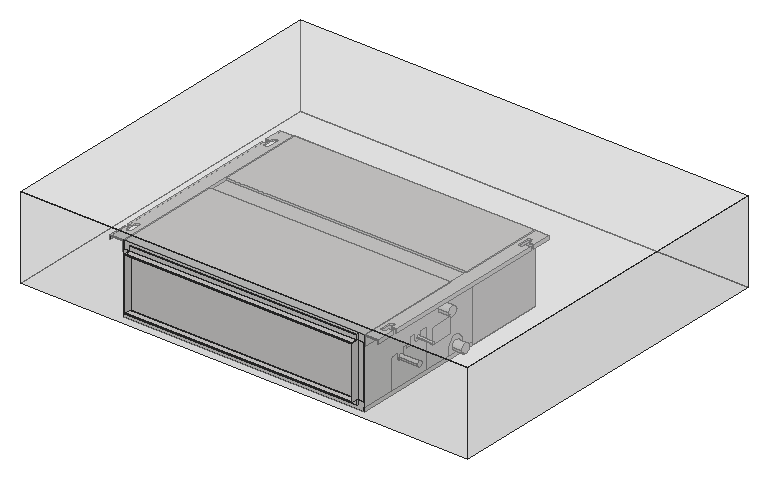
Revit family "outputfile", category 機械設備, Revit 2024
Family settings
  丸型コネクタ寸法 = 半径を使用
  パーツ タイプ = 標準
  OmniClass 番号 = 23.75.10.24.21.27.27
  OmniClass タイトル = Split System Air Conditioning Units
  作業面ベース = いいえ
  常に垂直 = はい
  ロード時にボイドで切り取り = いいえ
  注釈の向きを維持 = いいえ
  共有 = いいえ
  部屋計算ポイント = はい
Parameters (values of type "FXDQ25PDVM")
  書き出し IFC クラス(タイプ) = "IfcUnitaryEquipmentType"
  定義済み IFC タイプ(タイプ) = "AIRCONDITIONINGUNIT"
  ld_powersupply = Depth / 2  # 310.0 mm
  製造元 = "Daikin"
  モデル = "FXDQ25PDVM"
  r_Liquid Pipe Size = Liquid Pipe Size / 2  # 3.2 mm
  r_Gas Pipe Size = Gas Pipe Size / 2  # 6.35 mm
  r_Drain Pipe Size = Drain Pipe Size / 2  # 13.0 mm
  lw_powersupply = 50.0 mm  # constant formula
  lw_ductflange2 = 620.0 mm
  lw_Width = 660.0 mm
  lh_suctionflange [instance] = 100.0 mm  # constant formula
  ld_suctionflange [instance] = if(Rear Connection_Return Air, 190.0 mm, 100.0 mm)  # 190.0 mm
  angle_vertical_RA [instance] = if(Rear Connection_Return Air, 90.00°, 0.00°)  # 90.00°
  angle horizontal_RA [instance] = if(Rear Connection_Return Air, 180.00°, 270.00°)  # 180.00°
  Voltage_comment_60Hz = "220-240"
  Voltage_comment_50Hz = "220-240"
  Voltage_60Hz = 220 V
  Voltage_50Hz = 220 V
  Supply Air Direction [instance] = yes
  Rear Connection_Return Air [instance] = not(Bottom Connection_Return Air)  # yes
  RA_length [instance] = if(Rear Connection_Return Air, 190.0 mm, 100.0 mm)  # 190.0 mm
  Phase_60Hz = 1
  Phase_50Hz = 1
  Minimum External Static Pressure = 10.00 Pa
  Minimum Circuit Amps_60Hz = 0.8 A
  Minimum Circuit Amps_50Hz = 0.8 A
  Maximum Fuse Amps_60Hz = 16.0 A
  Maximum Fuse Amps_50Hz = 16.0 A
  Maximum External Static Pressure = 30.00 Pa
  Material_Casing = DAIKIN_GalvanizedSteel_Casing_indoorunit
  lw_liquidpipe = 46.0 mm  # constant formula
  lw_gaspipe = 57.0 mm  # constant formula
  lw_mountinghole = 740.0 mm
  lw_drainpipe = 33.0 mm  # constant formula
  lh_powersupply = 150.0 mm  # constant formula
  lh_liquidpipe = 90.0 mm  # constant formula
  lh_gaspipe = 113.0 mm  # constant formula
  lh_mountinghole = Height  # 200.0 mm
  lh_drainpipe = 50.0 mm  # constant formula
  lh_antena = 1.0 mm  # constant formula
  ld_liquidpipe = 193.0 mm  # constant formula
  ld_gaspipe = 130.0 mm  # constant formula
  ld_mountinghole = 500.0 mm  # constant formula
  ld_drainpipe = 280.0 mm  # constant formula
  ld_controlbox = 626.0 mm  # constant formula
  h*** = 0.0 mm  # constant formula
  d_dischargeflange = 21.2 mm  # constant formula
  Width = 700.0 mm
  Version = "ver.1.0"
  Unit Type = "Duct_Slim"
  Unit Mass Weight = 23.00 kg
  Unit Designation [instance] = ""
  Uniclass2015Version = "Products v1.30"
  Uniclass2015Title = "Variable refrigerant flow units"
  Uniclass2015Code = "Pr_70_65_03_94"
  Total Heating Capacity [instance] = 0.000 kW
  Total Cooling Capacity [instance] = 0.000 kW
  Sound Pressure Level_L speed (dBA) = 29
  Sound Pressure Level_H speed (dBA) = 31
  Series = "VRV Fan Coil Unit"
  Sensible Cooling Capacity [instance] = 0.000 kW
  SA Duct Size Width = 660.0 mm
  SA Duct Size Height = 153.0 mm
  Refrigerant Type = "R410A"
  RA Duct Size Width = 580.0 mm
  RA Duct Size Height = 160.0 mm
  Power Input (Heating) = 0.067 kW
  Power Input (Cooling) = 0.086 kW
  Option Accessory 3 [instance] = ""
  Option Accessory 2 [instance] = ""
  Option Accessory 1 [instance] = ""
  Nominal Heating Capacity = 3.200 kW
  Nominal Cooling Capacity = 2.800 kW
  Minimum Airflow = 384.00 m³/h
  Median Airflow = 0.00 m³/h
  Maximum Airflow = 432.00 m³/h
  Load Classification = HVAC
  Liquid Pipe Size = 6.4 mm
  Link_Nested Family [instance] = ""
  IfcVersion = ""
  IfcExportType = "AIRCONDITIONINGUNIT"
  IfcExportAs = "IfcUnitaryEquipmentType"
  Height = 200.0 mm
  Heating Entering Wet Bulb Temperature [instance] = 0.00 °C
  Heating Entering Dry Bulb Temperature [instance] = 0.00 °C
  Heating Ambient Wet Bulb Temperature [instance] = 0.00 °C
  Heating Ambient Dry Bulb Temperature [instance] = 0.00 °C
  Heat Exchanger Type = "Cross Fin Coil"
  Gas Pipe Size = 12.7 mm
  Frequency_60Hz = 60 Hz
  Frequency_50Hz = 50 Hz
  Fan Type = "Sirocco Fan"
  Fan Drive = "Direct Drive"
  FCU Tag No. [instance] = ""
  Drain Pipe Size = 26.0 mm
  Design Supply Airflow [instance] = 0.00 m³/h
  Design Return Airflow [instance] = 0.00 m³/h
  Design External Static Pressure [instance] = 0.00 Pa
  Depth = 620.0 mm
  既定の高さ = 0.0 mm
  Cooling Entering Wet Bulb Temperature [instance] = 0.00 °C
  Cooling Entering Dry Bulb Temperature [instance] = 0.00 °C
  Cooling Ambient Wet Bulb Temperature [instance] = 0.00 °C
  Cooling Ambient Dry Bulb Temperature [instance] = 0.00 °C
  Clearance visibility [instance] = yes
  Clearance Top = 20.0 mm
  Clearance Right = 300.0 mm
  Clearance Rear = 400.0 mm
  Clearance Left = 300.0 mm
  Clearance Front = 0.0 mm
  Clearance Bottom = 20.0 mm
  Bottom Connection_Return Air [instance] = no
Reference planes
  plane 1 "Center (Front/Back)": y = 0
  plane 2: z = 0
  plane 3 "Center (Left/Right)": x = 0
  plane 4 "Back": y = 310
  plane 5 "Front": y = -310
  plane 6 "Left": x = -350
  plane 7 "Right": x = 350
  plane 8 "Top": z = 0
  plane 9 "Bottom": z = -200
  plane 10: x = -370
  plane 11: x = 370
  plane 12: y = 250
  plane 13: z = 0
  plane 14 "Clearance Left": x = -650
  plane 15 "Clearance Right": x = 650
  plane 16 "Clearance Rear": y = 710
  plane 17 "Clearance Front": y = -310
  plane 18 "Clearance Top": z = 20
  plane 19 "Clearance Bottom": z = -220
  plane 20: y = -250
  plane 21: z = -21
  plane 22: z = -97.5
  plane 23: x = -40
  plane 24: y = 120
  plane 25: z = -100
  plane 26: y = -180
  plane 27: z = -113
  plane 28: y = -117
  plane 29: z = -90
  plane 30: y = 20
  plane 31: z = -170
  plane 32: x = 407
  plane 33: x = 396
  plane 34: x = 380
  plane 35: x = 300
  plane 36: z = -150
  plane 37: y = -30
  plane 38: z = -50
  plane 39: x = 383
Forms (mm)
  Extrusion 1, solid, material "DAIKIN_GalvanizedSteel_Casing_indoorunit" <- "Material_Casing"
    sketch origin (0, 0, 0) x (1, 0, 0) y (0, 1, 0)
      loop
        line (-350, -310) -> (350, -310) -> (350, 310) -> (-350, 310) -> (-350, -310)
    from -200 to 0
  Extrusion 2, void
    sketch origin (0, 0, 1) x (1, 0, 0) y (0, 1, 0)
      loop
        line (-350, 61.5) -> (-350, 3.5) -> (350, 3.5) -> (350, 61.5) -> (-350, 61.5)
    from -1 to -7
  Extrusion 3, solid, material "DAIKIN_GalvanizedSteel_Casing_indoorunit" <- "Material_Casing", visible <- "Bottom Connection_Return Air"
    sketch origin (0, 0, 0) x (1, 0, 0) y (0, 0, 1)
      loop
        line (-330, -180) -> (250, -180) -> (250, -20) -> (-330, -20) -> (-330, -180)
    from -310 to -309
  Extrusion 4, solid, material "DAIKIN_GalvanizedSteel_Casing_indoorunit" <- "Material_Casing", visible <- "Rear Connection_Return Air"
    sketch origin (0, 0, 0) x (1, 0, 0) y (0, 1, 0)
      loop
        line (-330, 290) -> (-330, 130) -> (250, 130) -> (250, 290) -> (-330, 290)
    from -200 to -199
  Extrusion 5, solid, material "DAIKIN_GalvanizedSteel_Casing_indoorunit" <- "Material_Casing"
    sketch origin (350, 0, 0) x (0, 1, 0) y (0, 0, 1)
      loop
        circle (-180, -113) r 6.35
    from 0 to 57
  Extrusion 6, solid, material "DAIKIN_GalvanizedSteel_Casing_indoorunit" <- "Material_Casing"
    sketch origin (350, 0, 0) x (0, 1, 0) y (0, 0, 1)
      loop
        circle (-117, -90) r 3.2
    from 0 to 46
  Extrusion 7, solid, material "DAIKIN_GalvanizedSteel_Casing_indoorunit" <- "Material_Casing"
    sketch origin (350, 0, 0) x (0, 1, 0) y (0, 0, 1)
      loop
        circle (20, -170) r 13
    from 0 to 30
  Extrusion 8, solid, material "DAIKIN_GalvanizedSteel_Casing_indoorunit" <- "Material_Casing"
    sketch origin (350, 0, 0) x (0, 1, 0) y (0, 0, 1)
      loop
        line (-310, -200) -> (78.6, -200) -> (78.6, -193)
        arc (78.6, -193) -> (77.721, -190.879) -> (75.6, -190) r 3
        line (75.6, -190) -> (-310, -190) -> (-310, -200)
    from 0 to -1
  Extrusion 9, solid, material "DAIKIN_GalvanizedSteel_Casing_indoorunit" <- "Material_Casing"
    sketch origin (350, 0, 0) x (0, 1, 0) y (0, 0, 1)
      loop
        line (-211.008, -190) -> (-86.594, -190) -> (-86.594, -80) -> (-105, -80) -> (-105, -90)
        arc (-105, -90) -> (-117, -102) -> (-129, -90) r 12
        line (-129, -90) -> (-129, -80) -> (-140.087, -80) -> (-140.087, -103.199) -> (-158.085, -103.199) -> (-158.085, -95.501) -> (-166.014, -95.501) -> (-166.014, -112.698) -> (-168.672, -112.698)
        arc (-168.672, -112.698) -> (-179.849, -124.331) -> (-191.332, -113) r 11.332
        line (-191.332, -113) -> (-191.332, -103.001) -> (-211.008, -103.001) -> (-211.008, -190)
    from 0 to -1
  Extrusion 10, solid, material "DAIKIN_GalvanizedSteel_Casing_indoorunit" <- "Material_Casing"
    sketch origin (350, 0, 0) x (0, 1, 0) y (0, 0, 1)
      loop
        arc (44.5, -170) -> (20, -145.5) -> (-4.5, -170) r 24.5
        line (-4.5, -170) -> (-4.5, -190) -> (44.5, -190) -> (44.5, -170)
    from 0 to -1
  Extrusion 11, solid, material "DAIKIN_GalvanizedSteel_Casing_indoorunit" <- "Material_Casing"
    sketch origin (350, 0, 0) x (0, 1, 0) y (0, 0, 1)
      loop
        arc (86.6, -22) -> (84.479, -22.879) -> (83.6, -25) r 3
        line (83.6, -25) -> (83.6, -194.5)
        arc (83.6, -194.5) -> (84.479, -196.621) -> (86.6, -197.5) r 3
        line (86.6, -197.5) -> (307, -197.5)
        arc (307, -197.5) -> (309.121, -196.621) -> (310, -194.5) r 3
        line (310, -194.5) -> (310, -25)
        arc (310, -25) -> (309.121, -22.879) -> (307, -22) r 3
        line (307, -22) -> (86.6, -22)
    from 0 to -1
  Extrusion 12, solid, material "DAIKIN_GalvanizedSteel_Casing_indoorunit" <- "Material_Casing"
    sketch origin (350, 475, 0) x (0, 1, 0) y (0, 0, 1)
      loop
        circle (-505, -50) r 13
    from 0 to 33
  Extrusion 13, solid, material "DAIKIN_GalvanizedSteel_Casing_indoorunit" <- "Material_Casing"
    sketch origin (350, 0, 75) x (0, 1, 0) y (0, 0, 1)
      loop
        line (-62, -165) -> (-62, -211) -> (2, -211) -> (2, -165) -> (-62, -165)
    from 0 to -1
Cuts and joins
  Extrusion 2 cuts Extrusion 1
Dimensions and locks
  "Height": plane 8 "Top" to plane 9 "Bottom"
  equal spacing: plane 10, plane 3 "Center (Left/Right)", plane 11
  "lw_mountinghole": plane 10 to plane 11
  equal spacing: plane 6 "Left", plane 3 "Center (Left/Right)", plane 7 "Right"
  "Width": plane 6 "Left" to plane 7 "Right"
  "Clearance Right": plane 7 "Right" to plane 15 "Clearance Right"
  "Clearance Left": plane 14 "Clearance Left" to plane 6 "Left"
  "Clearance Rear": plane 16 "Clearance Rear" to plane 4 "Back"
  "Clearance Front": plane 5 "Front" to plane 17 "Clearance Front"
  "Clearance Top": plane 18 "Clearance Top" to plane 8 "Top"
  "Clearance Bottom": plane 9 "Bottom" to plane 19 "Clearance Bottom"
  "Depth": plane 4 "Back" to plane 5 "Front"
  equal spacing: plane 4 "Back", plane 1 "Center (Front/Back)", plane 5 "Front"
  locked: plane 20 to plane 5 "Front" at 60
  "ld_mountinghole": plane 12 to plane 20
  locked: plane 8 "Top" to plane 21 at 21
  locked: plane 23 to plane 3 "Center (Left/Right)" at 40
  "ld_suctionflange": plane 4 "Back" to plane 24
  "lh_suctionflange": plane 8 "Top" to plane 25
  "ld_gaspipe": plane 26 to plane 5 "Front"
  "lh_gaspipe": plane 8 "Top" to plane 27
  "ld_liquidpipe": plane 28 to plane 5 "Front"
  "lh_liquidpipe": plane 8 "Top" to plane 29
  locked: plane 30 to plane 5 "Front" at 330
  locked: plane 8 "Top" to plane 31 at 170
  "lw_gaspipe": plane 7 "Right" to plane 32
  "lw_liquidpipe": plane 7 "Right" to plane 33
  locked: plane 7 "Right" to plane 34 at 30
  "lw_powersupply": plane 35 to plane 7 "Right"
  "lh_powersupply": plane 8 "Top" to plane 36
  "ld_drainpipe": plane 37 to plane 5 "Front"
  "lh_drainpipe": plane 8 "Top" to plane 38
  "lw_drainpipe": plane 7 "Right" to plane 39
  equal spacing: Extrusion 13 sketch curve, plane 37, Extrusion 13 sketch curve
  locked: Extrusion 13 sketch curve to Extrusion 13 sketch curve at 64
  locked: Extrusion 13 sketch curve to Extrusion 13 sketch curve at 46
  locked: Extrusion 13 sketch curve to plane 9 "Bottom" at 64
  "r_Gas Pipe Size": radius of Extrusion 5 sketch curve
  "r_Liquid Pipe Size": radius of Extrusion 6 sketch curve
  radius of Extrusion 7 sketch curve = 13.0 mm
  "r_Drain Pipe Size": radius of Extrusion 12 sketch curve
  aligned and locked: level to plane 2
  aligned and locked: Extrusion 1 to plane 9 "Bottom"
  aligned and locked: plane 8 "Top" to Extrusion 1
  aligned and locked: plane 11 to nested 2
  aligned and locked: plane 10 to nested 3
  aligned and locked: plane 10 to nested 4
  aligned and locked: plane 8 "Top" to Extrusion 2
  aligned and locked: plane 9 "Bottom" to Extrusion 4  (x2)
  aligned and locked: plane 7 "Right" to cut or joined group of Extrusion 1, Extrusion 2  (x2)
  aligned and locked: plane 3 "Center (Left/Right)" to nested 9
  aligned and locked: plane 6 "Left" to nested 7
  aligned and locked: plane 8 "Top" to nested 9
  aligned and locked: plane 11 to nested 1
  aligned and locked: nested 6 to plane 1 "Center (Front/Back)"
  aligned and locked: plane 3 "Center (Left/Right)" to nested 6
  aligned and locked: level to plane 8 "Top"
  aligned and locked: plane 1 "Center (Front/Back)" to nested 9
  aligned and locked: plane 5 "Front" to nested 10
  aligned and locked: Extrusion 1 sketch curve to plane 5 "Front"
  aligned and locked: plane 21 to nested 10
  aligned and locked: nested 5 to plane 5 "Front"
  aligned and locked: plane 3 "Center (Left/Right)" to nested 5
  aligned and locked: plane 22 to nested 5
  aligned and locked: Extrusion 2 sketch curve to plane 6 "Left"
  aligned and locked: plane 7 "Right" to Extrusion 2 sketch curve
  aligned and locked: nested 11 to plane 23
  aligned and locked: nested 11 to plane 24
  aligned and locked: plane 27 to Extrusion 5 sketch curve
  aligned and locked: plane 26 to Extrusion 5 sketch curve
  aligned and locked: plane 28 to Extrusion 6 sketch curve
  aligned and locked: plane 29 to Extrusion 6 sketch curve
  aligned and locked: plane 31 to Extrusion 7 sketch curve
  aligned and locked: plane 30 to Extrusion 7 sketch curve
  aligned and locked: plane 26 to nested 12
  aligned and locked: nested 12 to plane 27
  aligned and locked: plane 32 to Extrusion 5
  aligned and locked: plane 32 to nested 12
  aligned and locked: plane 33 to Extrusion 6
  aligned and locked: plane 28 to nested 13
  aligned and locked: nested 13 to plane 29
  aligned and locked: plane 33 to nested 13
  aligned and locked: plane 34 to Extrusion 7
  aligned and locked: plane 30 to nested 14
  aligned and locked: nested 14 to plane 31
  aligned and locked: plane 34 to nested 14
  aligned and locked: Extrusion 8 sketch curve to plane 9 "Bottom"
  aligned and locked: Extrusion 8 sketch curve to plane 5 "Front"
  aligned and locked: plane 14 "Clearance Left" to nested 15
  aligned and locked: plane 15 "Clearance Right" to nested 15
  aligned and locked: plane 16 "Clearance Rear" to nested 15
  aligned and locked: nested 15 to plane 17 "Clearance Front"
  aligned and locked: nested 15 to plane 18 "Clearance Top"
  aligned and locked: nested 15 to plane 19 "Clearance Bottom"
  aligned and locked: nested 16 to plane 35
  aligned and locked: nested 16 to plane 36
  aligned and locked: plane 4 "Back" to nested 16
  aligned and locked: plane 37 to Extrusion 12 sketch curve
  aligned and locked: plane 38 to Extrusion 12 sketch curve
  aligned and locked: plane 39 to Extrusion 12
  aligned and locked: Extrusion 4 sketch curve to nested 8  (x4)
  aligned and locked: Extrusion 3 sketch curve to nested 7  (x4)
Automatic sketch dimensions
  Extrusion 1 sketch curve to plane 4 "Back" = 0.0 mm
  Extrusion 1 sketch curve to plane 6 "Left" = 0.0 mm
  Extrusion 1 sketch curve to plane 7 "Right" = 0.0 mm
  Extrusion 2 sketch curve to plane 1 "Center (Front/Back)" = 3.5 mm
  plane 30 to Extrusion 2 sketch curve = 41.5 mm
  plane 9 "Bottom" to Extrusion 8 sketch curve = 7.0 mm
  Extrusion 8 sketch curve to plane 24 = 44.4 mm
  Extrusion 8 sketch curve to Extrusion 8 sketch curve = 3.0 mm
  Extrusion 9 sketch curve to plane 27 = 0.0 mm
  Extrusion 9 sketch curve to plane 26 = 0.0 mm
  Extrusion 9 sketch curve to plane 29 = 0.0 mm
  Extrusion 9 sketch curve to plane 28 = 0.0 mm
  Extrusion 9 sketch curve to Extrusion 9 sketch curve = 11.332 mm
  plane 9 "Bottom" to Extrusion 9 sketch curve = 10.0 mm
  Extrusion 9 sketch curve to plane 26 = 31.008 mm
  plane 27 to Extrusion 9 sketch curve = 0.302 mm
  Extrusion 9 sketch curve to Extrusion 9 sketch curve = 2.658 mm
  plane 22 to Extrusion 9 sketch curve = 1.999 mm
  Extrusion 9 sketch curve to Extrusion 9 sketch curve = 7.929 mm
  Extrusion 9 sketch curve to plane 25 = 3.199 mm
  Extrusion 9 sketch curve to Extrusion 9 sketch curve = 17.998 mm
  Extrusion 9 sketch curve to Extrusion 9 sketch curve = 11.087 mm
  plane 28 to Extrusion 9 sketch curve = 30.406 mm
  Extrusion 9 sketch curve to plane 25 = 3.001 mm
  plane 29 to Extrusion 9 sketch curve = 10.0 mm  (x2)
  Extrusion 10 sketch curve to plane 31 = 0.0 mm
  Extrusion 10 sketch curve to plane 30 = 0.0 mm
  plane 1 "Center (Front/Back)" to Extrusion 10 sketch curve = 4.5 mm
  plane 9 "Bottom" to Extrusion 10 sketch curve = 10.0 mm
  Extrusion 11 sketch curve to plane 4 "Back" = 0.0 mm
  Extrusion 11 sketch curve to Extrusion 11 sketch curve = 3.0 mm  (x2)
  Extrusion 11 sketch curve to plane 21 = 1.0 mm
  Extrusion 11 sketch curve to plane 4 "Back" = 3.0 mm
  Extrusion 11 sketch curve to plane 21 = 4.0 mm
  Extrusion 11 sketch curve to plane 24 = 33.4 mm
  plane 9 "Bottom" to Extrusion 11 sketch curve = 5.5 mm
Nested families
  nested 1: "daikin_mountinghole" at (370, 250, -200), l_antenna <- "lh_antena", Link_Nested Family <- "Link_Nested Family", h_mountinghole <- "lh_mountinghole", type "daikin_mountinghole"
    with show yes, l_antenna 1.0 mm, h_mountinghole 200.0 mm, Link_Nested Family ""
  nested 2: "daikin_mountinghole" at (370, -250, -200), Link_Nested Family <- "Link_Nested Family", l_antenna <- "lh_antena", h_mountinghole <- "lh_mountinghole", type "daikin_mountinghole"
    with show yes, l_antenna 1.0 mm, h_mountinghole 200.0 mm, Link_Nested Family ""
  nested 3: "daikin_mountinghole" at (-370, -250, -200), l_antenna <- "lh_antena", Link_Nested Family <- "Link_Nested Family", h_mountinghole <- "lh_mountinghole", type "daikin_mountinghole"
    with show yes, l_antenna 1.0 mm, h_mountinghole 200.0 mm, Link_Nested Family ""
  nested 4: "daikin_mountinghole" at (-370, 250, -200), l_antenna <- "lh_antena", Link_Nested Family <- "Link_Nested Family", h_mountinghole <- "lh_mountinghole", type "daikin_mountinghole"
    with show yes, l_antenna 1.0 mm, h_mountinghole 200.0 mm, Link_Nested Family ""
  nested 5: "daikin_connector_rotate2" at (0, -310, -97.5), length <- "d_dischargeflange", type "daikin_connector_rotate2"
    with radius 10.0 mm, length 21.2 mm, angle_vertical 90.00°, show_face no
  nested 6: "daikin_△_symbolicline" at (-75, -129.904, 200) x (-0.5, 0.866, 0) z (0, 0, 1), built-in parameter 1001364 <- "Height", visible <- "Supply Air Direction", type "daikin_△_symbolicline"
    with length 300.0 mm
  nested 7: "daikin_ductflange_FXDQ-PDVM_1" at (-40, 310, -100), visible <- "Rear Connection_Return Air", material <- "Material_Casing", width <- "lw_ductflange2", type "daikin_ductflange_FXDQ-PDVM_1"
    with width 620.0 mm, material DAIKIN_GalvanizedSteel_Casing_indoorunit, height 180.0 mm, depth 21.2 mm
  nested 8: "daikin_ductflange_FXDQ-PDVM_1" at (-40, 210, -200) x (1, 0, 0) z (0, 1, 0), visible <- "Bottom Connection_Return Air", material <- "Material_Casing", width <- "lw_ductflange2", type "daikin_ductflange_FXDQ-PDVM_1"
    with width 620.0 mm, material DAIKIN_GalvanizedSteel_Casing_indoorunit, height 180.0 mm, depth 21.2 mm
  nested 9: "daikin_hangerfixture_FXDQ-PDVM" at (0, 0, 0), type "daikin_hangerfixture_FXDQ-PDVM"
  nested 10: "daikin_ductflange_FXDQ-PDVM" at (0, 3.5, -364.201), width <- "lw_Width", material <- "Material_Casing", type "daikin_ductflange_FXDQ-PDVM"
    with width 660.0 mm, material DAIKIN_GalvanizedSteel_Casing_indoorunit, height 155.0 mm, depth 21.2 mm
  nested 11: "daikin_connector_rotate3" at (-40, 120, -100), length <- "RA_length", angle_vertical <- "angle_vertical_RA", angle_horizontal <- "angle horizontal_RA", type "daikin_connector_rotate3"
    with show no, radius 10.0 mm, length 190.0 mm, angle_vertical 90.00°, angle_horizontal 180.00°
  nested 12: "daikin_connector_rotate2" at (350, -180, -113) x (0, 1, 0) z (0, 0, 1), length <- "lw_gaspipe", radius <- "r_Gas Pipe Size", type "daikin_connector_rotate2"
    with radius 6.35 mm, length 57.0 mm, angle_vertical 90.00°, show_face no
  nested 13: "daikin_connector_rotate2" at (350, -117, -90) x (0, 1, 0) z (0, 0, 1), radius <- "r_Liquid Pipe Size", length <- "lw_liquidpipe", type "daikin_connector_rotate2"
    with radius 3.2 mm, length 46.0 mm, angle_vertical 90.00°, show_face no
  nested 14: "daikin_connector_rotate2" at (347, 20, -170) x (0, 1, 0) z (0, 0, 1), radius <- "r_Drain Pipe Size", length <- "lw_drainpipe", type "daikin_connector_rotate2"
    with radius 13.0 mm, length 33.0 mm, angle_vertical 90.00°, show_face no
  nested 15: "daikin_clearancespace" at (0, 200, -99.881), visible <- "Clearance visibility", Link_Nested Family <- "Link_Nested Family", show <- "Clearance visibility", type "daikin_clearancespace"
    with width 1300.0 mm, show yes, height 240.0 mm, depth 1020.0 mm, Link_Nested Family ""
  nested 16: "daikin_connector_rotate2" at (300, 0, -150) x (-1, 0, 0) z (0, 0, 1), length <- "ld_powersupply", type "daikin_connector_rotate2"
    with radius 10.0 mm, length 310.0 mm, angle_vertical 90.00°, show_face no
Connectors
  hvac at (0, -331.2, -97.5), driven by "SA Duct Size Height", driven by "SA Duct Size Width"
    settings: on nested 5, index 1, duct flow 0.00 m³/h, flow factor 0, pres drop 0.00 Pa, loss coef 0, conn angle 0.00°, conn width 660.0 mm, conn height 153.0 mm, conn diameter 609.6 mm, duct sys type 1, conn prof type 1, flow config 0, flow direction 2, loss method 4, conn ref index -1, conn util no, is conn primary yes, conn desc "SA Duct"
  hvac at (-40, 310, -100), driven by "RA Duct Size Height", driven by "RA Duct Size Width"
    settings: on nested 11, index 2, duct flow 0.00 m³/h, flow factor 0, pres drop 0.00 Pa, loss coef 0, conn angle 0.00°, conn width 580.0 mm, conn height 160.0 mm, conn diameter 609.6 mm, duct sys type 2, conn prof type 1, flow config 0, flow direction 1, loss method 4, conn ref index -1, conn util no, is conn primary no, conn desc "RA Duct"
  piping at (407, -180, -113), diameter 12.7, driven by "r_Gas Pipe Size"
    settings: on nested 12, index 3, connector inside diameter 609.6 mm, connector length 0.0 mm, flow factor 0, pipe flow 0.00 m³/h, pressure drop 0.0 Pa, fitting loss kfactor 0, connector angle 0.00°, fixture units 0, engagement length 0.0 mm, angle of deflection 0.00°, flow configuration 1, flow direction 2, fitting loss method 0, system type 29, joint type 0, gender type 0, connector reference index -1, connector utility 0, adjustable connector no, is connector primary yes, connector description "Refrigerant Gas Piping"
  piping at (396, -117, -90), diameter 6.4, driven by "r_Liquid Pipe Size"
    settings: on nested 13, index 4, connector inside diameter 609.6 mm, connector length 0.0 mm, flow factor 0, pipe flow 0.00 m³/h, pressure drop 0.0 Pa, fitting loss kfactor 0, connector angle 0.00°, fixture units 0, engagement length 0.0 mm, angle of deflection 0.00°, flow configuration 1, flow direction 1, fitting loss method 0, system type 29, joint type 0, gender type 0, connector reference index -1, connector utility 0, adjustable connector no, is connector primary no, connector description "Refrigerant Liquid Piping"
  electrical at (300, 310, -150), driven by "Load Classification"
    settings: on nested 16, index 6, voltage 0 V, apparent load 0 VA, apparent load phase1 0 VA, apparent load phase2 0 VA, apparent load phase3 0 VA, power factor 1, load classification "HVAC", number of poles 1, system type 30, power factor state 1, is connector primary yes, connector utility no, sub classification motor no, connector description "Power Supply"
  piping at (383, -30, -50), diameter 26, driven by "r_Drain Pipe Size"
    settings: on Extrusion 12, index 7, connector inside diameter 609.6 mm, connector length 0.0 mm, flow factor 0, pipe flow 0.00 m³/h, pressure drop 0.0 Pa, fitting loss kfactor 0, connector angle 0.00°, fixture units 0, engagement length 0.0 mm, angle of deflection 0.00°, flow configuration 1, flow direction 2, fitting loss method 4, system type 16, joint type 0, gender type 0, connector reference index -1, connector utility 0, adjustable connector no, is connector primary no, connector description "Condensate Drain Piping"
Definition of nested family "daikin_ductflange_FXDQ-PDVM_1"
  Parameters (values of type "daikin_ductflange_CDKM-PVM_1")
    width [instance] = 620.0 mm
    material [instance] = none
    height [instance] = 180.0 mm
    depth [instance] = 21.2 mm
    Default Elevation = 0.0 mm
  Reference planes
    plane 1 "Center (Front/Back)": y = 0
    plane 2: z = 0
    plane 3 "Center (Left/Right)": x = 0
    plane 4: x = -310
    plane 5: x = 310
    plane 6: z = 90
    plane 7: z = -90
    plane 8: z = 100
    plane 9: z = -100
    plane 10: x = -309
    plane 11: x = 309
  Forms (mm)
    Extrusion 1, solid, material <- "material"
      sketch origin (0, 0, 0) x (1, 0, 0) y (0, 0, 1)
        loop
          line (-290, 80) -> (-290, -80) -> (290, -80) -> (290, 80) -> (-290, 80)
        loop
          line (-309, -99) -> (309, -99) -> (309, 99) -> (-309, 99) -> (-309, -99)
      from 0 to 1
  Dimensions and locks
    equal spacing: plane 5, plane 3 "Center (Left/Right)", plane 4, locked at 310 each
    "width": plane 5 to plane 4
    equal spacing: plane 6, level, plane 7, locked at 90 each
    "height": plane 6 to plane 7
    equal spacing: plane 8, level, plane 9, locked at 100 each
    locked: plane 8 to plane 9 at 200
    plane 10 to plane 4 = 1.0 mm
    locked: plane 5 to plane 11 at 1
    locked: Extrusion 1 sketch curve to Extrusion 1 sketch curve at 19  (x4)
    locked: plane 8 to Extrusion 1 sketch curve at 1
    locked: Extrusion 1 sketch curve to plane 9 at 1
    aligned and locked: level to plane 2
  Automatic sketch dimensions
    plane 4 to Extrusion 1 sketch curve = 1.0 mm
    Extrusion 1 sketch curve to plane 5 = 1.0 mm
Definition of nested family "daikin_hangerfixture_FXDQ-PDVM"
  Parameters (values of type "daikin_hangerfixture_CDKS-EAVMA")
    width = 700.0 mm
    material = none
    height = 30.0 mm
    depth = 618.0 mm
    Default Elevation = 0.0 mm
  Reference planes
    plane 1 "Center (Front/Back)": y = 0
    plane 2: z = 0
    plane 3 "Center (Left/Right)": x = 0
    plane 4: x = 350
    plane 5: y = 309
    plane 6: y = -309
    plane 7: x = -350
    plane 8: z = -30
  Forms (mm)
    Extrusion 1, solid, material <- "material"
      sketch origin (0, 0, 0) x (1, 0, 0) y (0, 0, 1)
        loop
          line (350, 0) -> (350, -30) -> (352.3, -30) -> (352.3, -2.3) -> (387.7, -2.3) -> (387.7, -10) -> (390, -10) -> (390, 0) -> (350, 0)
      from -309 to 309
    Extrusion 2, void
      sketch origin (0, 0, 0) x (0, 1, 0) y (0, 0, 1)
        loop
          line (309, -30) -> (309, -17.979) -> (87.935, -17.979) -> (75.914, -30) -> (309, -30)
      from 0 to 450
    Extrusion 3, void
      sketch origin (0, 0, 0) x (1, 0, 0) y (0, 1, 0)
        loop
          line (390, -243.5) -> (377, -243.5) -> (377, -237)
          arc (377, -237) -> (370, -230) -> (363, -237) r 7
          line (363, -237) -> (363, -263)
          arc (363, -263) -> (370, -270) -> (377, -263) r 7
          line (377, -263) -> (377, -256.5) -> (390, -256.5) -> (390, -243.5)
        loop
          line (390, 243.5) -> (390, 256.5) -> (377, 256.5) -> (377, 263)
          arc (377, 263) -> (370, 270) -> (363, 263) r 7
          line (363, 263) -> (363, 237)
          arc (363, 237) -> (370, 230) -> (377, 237) r 7
          line (377, 237) -> (377, 243.5) -> (390, 243.5)
      from -254.96 to 618
    Extrusion 4, solid, material <- "material"
      sketch origin (0, 0, 0) x (-1, 0, 0) y (0, 0, -1)
        loop
          line (350, 0) -> (390, 0) -> (390, 10) -> (387.7, 10) -> (387.7, 2.3) -> (352.3, 2.3) -> (352.3, 30) -> (350, 30) -> (350, 0)
      from -309 to 309
    Extrusion 5, void
      sketch origin (0, 0, 0) x (-1, 0, 0) y (0, -1, 0)
        loop
          line (390, 243.5) -> (390, 256.5) -> (377, 256.5) -> (377, 263)
          arc (377, 263) -> (370, 270) -> (363, 263) r 7
          line (363, 263) -> (363, 237)
          arc (363, 237) -> (370, 230) -> (377, 237) r 7
          line (377, 237) -> (377, 243.5) -> (390, 243.5)
        loop
          line (390, -243.5) -> (377, -243.5) -> (377, -237)
          arc (377, -237) -> (370, -230) -> (363, -237) r 7
          line (363, -237) -> (363, -263)
          arc (363, -263) -> (370, -270) -> (377, -263) r 7
          line (377, -263) -> (377, -256.5) -> (390, -256.5) -> (390, -243.5)
      from -254.96 to 618
  Cuts and joins
    Extrusion 2, Extrusion 3, Extrusion 5 cuts Extrusion 1
    Extrusion 5 cuts Extrusion 4
  Dimensions and locks
    equal spacing: plane 5, plane 1 "Center (Front/Back)", plane 6
    "depth": plane 5 to plane 6
    plane 6 to plane 1 "Center (Front/Back)" to plane 5 = 309.0 mm, 309.0 mm
    equal spacing: plane 4, plane 3 "Center (Left/Right)", plane 7
    "width": plane 4 to plane 7
    "height": level to plane 8
    aligned and locked: level to plane 2
    aligned and locked: plane 5 to Extrusion 1
    aligned and locked: Extrusion 1 to plane 6
    aligned and locked: Extrusion 1 to plane 4
    aligned and locked: plane 5 to cut or joined group of Extrusion 1, Extrusion 2, Extrusion 3, Extrusion 5
    aligned and locked: cut or joined group of Extrusion 1, Extrusion 2, Extrusion 3, Extrusion 5 to plane 6
    aligned and locked: level to cut or joined group of Extrusion 1, Extrusion 2, Extrusion 3, Extrusion 5
    aligned and locked: cut or joined group of Extrusion 1, Extrusion 2, Extrusion 3, Extrusion 5 to plane 8
    aligned and locked: plane 5 to cut or joined group of Extrusion 4, Extrusion 5
    aligned and locked: cut or joined group of Extrusion 4, Extrusion 5 to plane 6
  Automatic sketch dimensions
    Extrusion 1 sketch curve to plane 4 = 0.0 mm
    Extrusion 1 sketch curve to plane 8 = 0.0 mm
    Extrusion 1 sketch curve to level = 0.0 mm
    plane 4 to Extrusion 1 sketch curve = 2.3 mm
    Extrusion 1 sketch curve to level = 2.3 mm
    Extrusion 1 sketch curve to Extrusion 1 sketch curve = 35.4 mm
    Extrusion 1 sketch curve to Extrusion 1 sketch curve = 2.3 mm
    Extrusion 1 sketch curve to Extrusion 1 sketch curve = 7.7 mm
    Extrusion 2 sketch curve to plane 8 = 0.0 mm
    Extrusion 2 sketch curve to plane 5 = 0.0 mm
    plane 8 to Extrusion 2 sketch curve = 12.021 mm
    Extrusion 2 sketch curve to plane 1 "Center (Front/Back)" = 87.935 mm
    Extrusion 2 sketch curve to Extrusion 2 sketch curve = 12.021 mm
    plane 4 to Extrusion 3 sketch curve = 13.0 mm  (x2)
    Extrusion 3 sketch curve to Extrusion 3 sketch curve = 7.0 mm  (x4)
    Extrusion 3 sketch curve to Extrusion 3 sketch curve = 13.0 mm  (x4)
    plane 6 to Extrusion 3 sketch curve = 46.0 mm
    Extrusion 3 sketch curve to Extrusion 3 sketch curve = 6.5 mm  (x4)
    Extrusion 3 sketch curve to plane 5 = 72.0 mm
    Extrusion 4 sketch curve to plane 7 = 0.0 mm
    Extrusion 4 sketch curve to plane 8 = 0.0 mm
    Extrusion 4 sketch curve to level = 0.0 mm
    Extrusion 4 sketch curve to plane 7 = 2.3 mm
    Extrusion 4 sketch curve to level = 2.3 mm
    Extrusion 4 sketch curve to Extrusion 4 sketch curve = 35.4 mm
    Extrusion 4 sketch curve to Extrusion 4 sketch curve = 2.3 mm
    Extrusion 4 sketch curve to Extrusion 4 sketch curve = 7.7 mm
    Extrusion 5 sketch curve to plane 7 = 13.0 mm  (x2)
    Extrusion 5 sketch curve to Extrusion 5 sketch curve = 7.0 mm  (x4)
    Extrusion 5 sketch curve to Extrusion 5 sketch curve = 13.0 mm  (x4)
    Extrusion 5 sketch curve to plane 5 = 46.0 mm
    Extrusion 5 sketch curve to Extrusion 5 sketch curve = 6.5 mm  (x4)
    plane 6 to Extrusion 5 sketch curve = 72.0 mm
Definition of nested family "daikin_ductflange_FXDQ-PDVM"
  Parameters (values of type "daikin_ductflange_CDKM-PVM")
    width [instance] = 660.0 mm
    material [instance] = none
    height [instance] = 155.0 mm
    depth [instance] = 21.2 mm
    Default Elevation = 0.0 mm
  Reference planes
    plane 1 "Center (Front/Back)": y = 0
    plane 2: z = 189.201
    plane 3 "Center (Left/Right)": x = 0
    plane 4: y = -313.5
    plane 5: x = -330
    plane 6: x = 330
    plane 7: y = -334.7
    plane 8: z = 344.201
    plane 9: z = 266.701
    plane 10: z = 343.201
    plane 11: z = 190.201
  Forms (mm)
    Extrusion 1, solid, material <- "material"
      sketch origin (0, 0, 189.201) x (1, 0, 0) y (0, 1, 0)
        loop
          line (-330, -334.7) -> (-330, -313.5) -> (-349, -313.5) -> (-349, -314.5) -> (-331, -314.5) -> (-331, -334.7) -> (-330, -334.7)
        loop
          line (330, -334.7) -> (331, -334.7) -> (331, -314.5) -> (349, -314.5) -> (349, -313.5) -> (330, -313.5) -> (330, -334.7)
      from 1 to 154
    Extrusion 2, solid, material <- "material"
      sketch origin (0, 0, 0) x (0, 1, 0) y (0, 0, 1)
        loop
          line (-313.5, 343.201) -> (-313.5, 358.201) -> (-314.5, 358.201) -> (-314.5, 344.201) -> (-334.7, 344.201) -> (-334.7, 343.201) -> (-313.5, 343.201)
        loop
          line (-313.5, 190.201) -> (-334.7, 190.201) -> (-334.7, 189.201) -> (-314.5, 189.201) -> (-314.5, 175.201) -> (-313.5, 175.201) -> (-313.5, 190.201)
      from -330 to 330
  Dimensions and locks
    plane 4 to plane 1 "Center (Front/Back)" = 313.5 mm
    "depth": plane 7 to plane 4
    equal spacing: plane 8, plane 9, level
    "height": plane 8 to level
    equal spacing: plane 6, plane 3 "Center (Left/Right)", plane 5
    "width": plane 6 to plane 5
    locked: plane 8 to plane 10 at 1
    locked: plane 11 to level at 1
    locked: Extrusion 1 to Extrusion 2 sketch curve at 1
    locked: Extrusion 2 sketch curve to Extrusion 1 at 1
    plane 10 to plane 11 = 153.0 mm
    aligned and locked: level to plane 2
    aligned and locked: Extrusion 2 to plane 5
    aligned and locked: Extrusion 2 to plane 11
    aligned and locked: Extrusion 2 to plane 10
    aligned and locked: plane 6 to Extrusion 2
    aligned and locked: plane 5 to Extrusion 2  (x2)
    aligned and locked: plane 5 to Extrusion 1  (x2)
    aligned and locked: Extrusion 1 to plane 6
    aligned and locked: plane 6 to Extrusion 1
    aligned and locked: Extrusion 1 to plane 10
  Automatic sketch dimensions
    Extrusion 2 sketch curve to plane 7 = 0.0 mm  (x2)
    Extrusion 2 sketch curve to plane 4 = 0.0 mm  (x2)
    Extrusion 2 sketch curve to plane 11 = 0.0 mm
    Extrusion 2 sketch curve to plane 10 = 0.0 mm
    Extrusion 2 sketch curve to plane 4 = 1.0 mm  (x2)
    Extrusion 2 sketch curve to level = 14.0 mm
    plane 8 to Extrusion 2 sketch curve = 14.0 mm
    Extrusion 1 sketch curve to plane 4 = 0.0 mm  (x2)
    Extrusion 1 sketch curve to plane 7 = 0.0 mm  (x2)
    Extrusion 1 sketch curve to plane 5 = 0.0 mm
    Extrusion 1 sketch curve to plane 6 = 0.0 mm
    Extrusion 1 sketch curve to plane 5 = 1.0 mm
    Extrusion 1 sketch curve to Extrusion 1 sketch curve = 18.0 mm  (x2)
    Extrusion 1 sketch curve to Extrusion 1 sketch curve = 1.0 mm
    Extrusion 1 sketch curve to plane 4 = 1.0 mm  (x2)
Definition of nested family "daikin_clearancespace"
  Parameters (values of type "daikin_clearancespace")
    Description = "daikin_clearancespace"
    width [instance] = 1823.963 mm
    show [instance] = yes
    material = none
    height [instance] = 1359.762 mm
    depth [instance] = 880.0 mm
    Default Elevation = 0.0 mm
    Link_Nested Family [instance] = ""
  Reference planes
    plane 1 "Center (Front/Back)": y = 0
    plane 2 "Center (Elevation)": z = -0.119
    plane 3 "Center (Left/Right)": x = 0
    plane 4: y = 440
    plane 5: y = -440
    plane 6 "Right": x = 911.982
    plane 7 "Left": x = -911.982
    plane 8 "Top": z = 679.762
    plane 9 "Bottom": z = -680
  Forms (mm)
    Extrusion 1, solid, material <- "material", visible <- "show"
      sketch origin (0, 0, 0) x (1, 0, 0) y (0, 1, 0)
        loop
          line (-911.982, 440) -> (-911.982, -440) -> (911.982, -440) -> (911.982, 440) -> (-911.982, 440)
      from -680 to 679.762
  Lines and regions (mm)
    symbolic lines, visible <- "show"
      curve 1: line (911.982, 440, 0) -> (-911.982, 440, 0)
      curve 2: line (-911.982, 440, 0) -> (-911.982, -440, 0)
      curve 3: line (-911.982, -440, 0) -> (911.982, -440, 0)
      curve 4: line (911.982, -440, 0) -> (911.982, 440, 0)
      curve 5: line (911.982, 0, 679.762) -> (-911.982, 0, 679.762)
      curve 6: line (911.982, 0, -680) -> (911.982, 0, 679.762)
      curve 7: line (-911.982, 0, -680) -> (911.982, 0, -680)
      curve 8: line (-911.982, 0, 679.762) -> (-911.982, 0, -680)
      curve 9: line (0, 440, 679.762) -> (0, -440, 679.762)
      curve 10: line (0, -440, 679.762) -> (0, -440, -680)
      curve 11: line (0, 440, -680) -> (0, 440, 679.762)
      curve 12: line (0, -440, -680) -> (0, 440, -680)
  Dimensions and locks
    "width": plane 7 "Left" to plane 6 "Right"
    "depth": plane 4 to plane 5
    "height": plane 8 "Top" to plane 9 "Bottom"
    equal spacing: plane 7 "Left", plane 3 "Center (Left/Right)", plane 6 "Right"
    equal spacing: plane 4, plane 1 "Center (Front/Back)", plane 5
    equal spacing: plane 8 "Top", plane 2 "Center (Elevation)", plane 9 "Bottom"
    aligned and locked: level to plane 2 "Center (Elevation)"
    aligned and locked: Extrusion 1 sketch curve to plane 4
    aligned and locked: plane 7 "Left" to Extrusion 1 sketch curve
    aligned and locked: Extrusion 1 sketch curve to plane 5
    aligned and locked: Extrusion 1 sketch curve to plane 6 "Right"
    aligned and locked: plane 8 "Top" to Extrusion 1
    aligned and locked: curve 1 to Extrusion 1
    aligned and locked: curve 2 to Extrusion 1
    aligned and locked: curve 3 to Extrusion 1
    aligned and locked: curve 4 to Extrusion 1
    aligned and locked: curve 5 to Extrusion 1
    aligned and locked: curve 6 to Extrusion 1
    aligned and locked: curve 7 to Extrusion 1
    aligned and locked: curve 8 to Extrusion 1
    aligned and locked: curve 9 to Extrusion 1
    aligned and locked: curve 10 to Extrusion 1
    aligned and locked: curve 11 to Extrusion 1
    aligned and locked: curve 12 to Extrusion 1
    aligned and locked: Extrusion 1 to plane 9 "Bottom"
Definition of nested family "daikin_mountinghole"
  Parameters (values of type "daikin_mountinghole")
    Default Elevation = 1219.2 mm
    Type Comments = "mountinghole"
    show [instance] = yes
    material = none
    l_centerline = 100.0 mm
    l_antenna [instance] = 100.0 mm
    h_mountinghole [instance] = 0.0 mm
    d_circle = 30.0 mm
    Link_Nested Family [instance] = ""
  Reference planes
    plane 1 "Center (Front/Back)": y = 0
    plane 2: z = 0
    plane 3 "Center (Left/Right)": x = 0
    plane 4: y = 50
    plane 5: x = -50
    plane 6: x = 50
    plane 7: y = -50
    plane 8 "h_mountinghole": z = 0
    plane 9: z = 100
  Lines and regions (mm)
    model lines, detail levels fine
      curve 1: circle (0, 0, 0) r 15 normal (0, 0, 1)
      curve 2: line (-50, 0, 0) -> (50, 0, 0)
      curve 3: line (0, 50, 0) -> (0, -50, 0)
    symbolic lines, detail levels fine
      curve 4: circle (0, 0, 0) r 15 normal (0, 0, 1)
      curve 5: line (-50, 0, 0) -> (50, 0, 0)
      curve 6: line (0, 50, 0) -> (0, -50, 0)
    model lines
      curve 7: line (0, 0, 100) -> (0, 0, 0)
  Dimensions and locks
    equal spacing: plane 4, plane 1 "Center (Front/Back)", plane 7
    "l_centerline": plane 4 to plane 7
    equal spacing: plane 5, plane 3 "Center (Left/Right)", plane 6
    "l_centerline": plane 5 to plane 6
    "l_antenna": plane 9 to plane 8 "h_mountinghole"
    "h_mountinghole": plane 8 "h_mountinghole" to plane 2
    "d_circle": diameter of curve 1
    "d_circle": diameter of curve 4
    aligned and locked: level to plane 2
    aligned and locked: plane 1 "Center (Front/Back)" to curve 1
    aligned and locked: plane 3 "Center (Left/Right)" to curve 1
    aligned and locked: plane 1 "Center (Front/Back)" to curve 2
    aligned and locked: curve 3 to plane 3 "Center (Left/Right)"
    aligned and locked: plane 6 to curve 2
    aligned and locked: plane 5 to curve 2
    aligned and locked: plane 4 to curve 3
    aligned and locked: plane 7 to curve 3
    aligned and locked: plane 1 "Center (Front/Back)" to curve 4
    aligned and locked: plane 3 "Center (Left/Right)" to curve 4
    aligned and locked: plane 6 to curve 5
    aligned and locked: plane 5 to curve 5
    aligned and locked: plane 1 "Center (Front/Back)" to curve 5
    aligned and locked: plane 4 to curve 6
    aligned and locked: plane 7 to curve 6
    aligned and locked: curve 6 to plane 3 "Center (Left/Right)"
    aligned and locked: curve 7 to plane 3 "Center (Left/Right)"
    aligned and locked: plane 9 to curve 7
    aligned and locked: plane 8 "h_mountinghole" to curve 7
Definition of nested family "daikin_connector_rotate2"
  Parameters (values of type "daikin_connector_rotate2")
    show_face = yes
    radius [instance] = 10.0 mm
    length [instance] = 600.0 mm
    d_surface = 10.0 mm
    angle_vertical [instance] = 90.00°
    Default Elevation = 0.0 mm
  Reference planes
    plane 1 "Center (Front/Back)": y = 0
    plane 2: z = 0
    plane 3 "Center (Left/Right)": x = 0
  Forms (mm)
    Extrusion 1, solid, visible <- "show_face"
      sketch origin (0, -600, 0) x (1, 0, 0) y (0, 0, 1)
        loop
          circle (0, 0) r 10
      from 0 to -10
  Lines and regions (mm)
    reference lines
      curve 1: line (0, 0, 0) -> (0, -600, 0)
    symbolic lines
      curve 2: circle (0, 0, 0) r 5 normal (0, 0, 1)
    model lines, visible <- "show_face"
      curve 3: line (0, 0, 0) -> (0, -600, 0)
  Dimensions and locks
    "length": curve 1 to curve 1
    "length": curve 3 to curve 3
    "d_surface": Extrusion 1 to Extrusion 1
    "radius": radius of Extrusion 1 sketch curve
    "angle_vertical": angle curve 1 to plane 1 "Center (Front/Back)"
    "angle_vertical": angle curve 3 to plane 1 "Center (Front/Back)"
    aligned and locked: level to plane 2
    aligned and locked: plane 1 "Center (Front/Back)" to curve 1
    aligned and locked: plane 2 to curve 1
    aligned and locked: plane 1 "Center (Front/Back)" to curve 2
    aligned and locked: plane 3 "Center (Left/Right)" to curve 2
    aligned and locked: plane 1 "Center (Front/Back)" to curve 3
    aligned and locked: plane 2 to curve 3
    aligned and locked: Extrusion 1 to Extrusion 1
  Automatic sketch dimensions
    Extrusion 1 sketch curve to level = 0.0 mm
    Extrusion 1 sketch curve to plane 3 "Center (Left/Right)" = 0.0 mm
    radius of curve 2 = 5.0 mm
Definition of nested family "daikin_△_symbolicline"
  Parameters (values of type "daikin_△_symbolicline")
    length [instance] = 500.0 mm
    Default Elevation = 0.0 mm
  Reference planes
    plane 1 "Center (Front/Back)": y = 0
    plane 2: z = 0
    plane 3 "Center (Left/Right)": x = 0
  Lines and regions (mm)
    symbolic lines
      curve 1: line (0, -433.013, 0) -> (250, 0, 0)
      curve 2: line (250, 0, 0) -> (-250, 0, 0)
      curve 3: line (-250, 0, 0) -> (0, -433.013, 0)
  Dimensions and locks
    equal spacing: curve 3, plane 3 "Center (Left/Right)", curve 2
    "length": curve 3 to curve 2
    "length": curve 3 to curve 3
    "length": curve 1 to curve 1
    aligned and locked: level to plane 2
    aligned and locked: curve 2 to plane 1 "Center (Front/Back)"
    aligned and locked: plane 3 "Center (Left/Right)" to curve 3
Definition of nested family "daikin_connector_rotate3"
  Parameters (values of type "daikin_connector_rotate3")
    Default Elevation = 1219.2 mm
    show [instance] = yes
    radius [instance] = 10.0 mm
    length [instance] = 600.0 mm
    angle_horizontal [instance] = 60.00°
    angle_vertical [instance] = 90.00°
  Reference planes
    plane 1 "Center (Front/Back)": y = 0
    plane 2: z = 0
    plane 3 "Center (Left/Right)": x = 0
  Dimensions and locks
    "angle_horizontal": angle plane 3 "Center (Left/Right)" to nested 1
    aligned and locked: level to plane 2
    aligned and locked: plane 1 "Center (Front/Back)" to nested 1  (x2)
    aligned and locked: plane 3 "Center (Left/Right)" to nested 1
  Nested families
    nested 1: "daikin_connector_rotate2" at (0, 0, 0) x (0.5, 0.866, 0) z (0, 0, 1), angle_vertical <- "angle_vertical", length <- "length", radius <- "radius", type "daikin_connector_rotate2"
      with radius 10.0 mm, length 600.0 mm, angle_vertical 90.00°
  Definition of nested family "daikin_connector_rotate2"
    Parameters (values of type "daikin_connector_rotate2")
      show_face = yes
      radius [instance] = 10.0 mm
      length [instance] = 600.0 mm
      d_surface = 10.0 mm
      angle_vertical [instance] = 90.00°
      Default Elevation = 0.0 mm
    Reference planes
      plane 1 "Center (Front/Back)": y = 0
      plane 2: z = 0
      plane 3 "Center (Left/Right)": x = 0
    Forms (mm)
      Extrusion 1, solid, visible <- "show_face"
        sketch origin (0, -600, 0) x (1, 0, 0) y (0, 0, 1)
          loop
            circle (0, 0) r 10
        from 0 to -10
    Lines and regions (mm)
      reference lines
        curve 1: line (0, 0, 0) -> (0, -600, 0)
      symbolic lines
        curve 2: circle (0, 0, 0) r 5 normal (0, 0, 1)
      model lines, visible <- "show_face"
        curve 3: line (0, 0, 0) -> (0, -600, 0)
    Dimensions and locks
      "length": curve 1 to curve 1
      "length": curve 3 to curve 3
      "d_surface": Extrusion 1 to Extrusion 1
      "radius": radius of Extrusion 1 sketch curve
      "angle_vertical": angle curve 1 to plane 1 "Center (Front/Back)"
      "angle_vertical": angle curve 3 to plane 1 "Center (Front/Back)"
      aligned and locked: level to plane 2
      aligned and locked: plane 1 "Center (Front/Back)" to curve 1
      aligned and locked: plane 2 to curve 1
      aligned and locked: plane 1 "Center (Front/Back)" to curve 2
      aligned and locked: plane 3 "Center (Left/Right)" to curve 2
      aligned and locked: plane 1 "Center (Front/Back)" to curve 3
      aligned and locked: plane 2 to curve 3
      aligned and locked: Extrusion 1 to Extrusion 1
    Automatic sketch dimensions
      Extrusion 1 sketch curve to level = 0.0 mm
      Extrusion 1 sketch curve to plane 3 "Center (Left/Right)" = 0.0 mm
      radius of curve 2 = 5.0 mm
